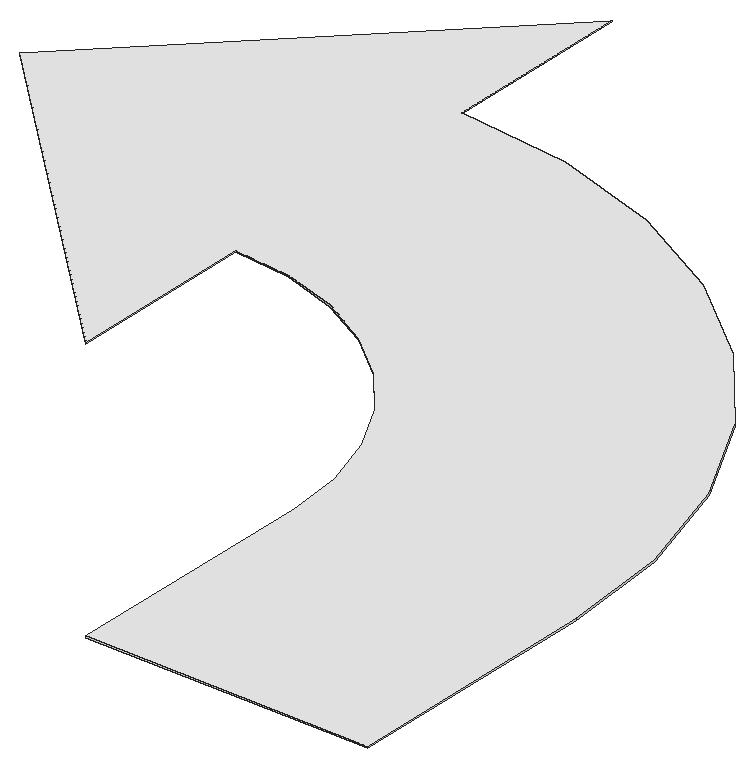
Revit family
Reference planes
  plane 1 "Center (Front/Back)": y = 0
  plane 2: z = 0
  plane 3 "Center (Left/Right)": x = 0
Forms (mm)
  Extrusion 1, solid, material "Paint - White"
    sketch origin (0, 0, 0) x (1, 0, 0) y (0, 1, 0)
      loop
        line (152.4, 0) -> (152.4, 281.643)
        arc (152.4, 281.643) -> (-29.539, 720.883) -> (-468.778, 902.822) r 621.178
        line (-468.778, 902.822) -> (-468.778, 1106.022) -> (-824.378, 750.422) -> (-468.778, 394.822) -> (-468.778, 598.022)
        arc (-468.778, 598.022) -> (-245.065, 505.356) -> (-152.4, 281.643) r 316.378
        line (-152.4, 281.643) -> (-152.4, 0) -> (152.4, 0)
    from 0 to 1.587
